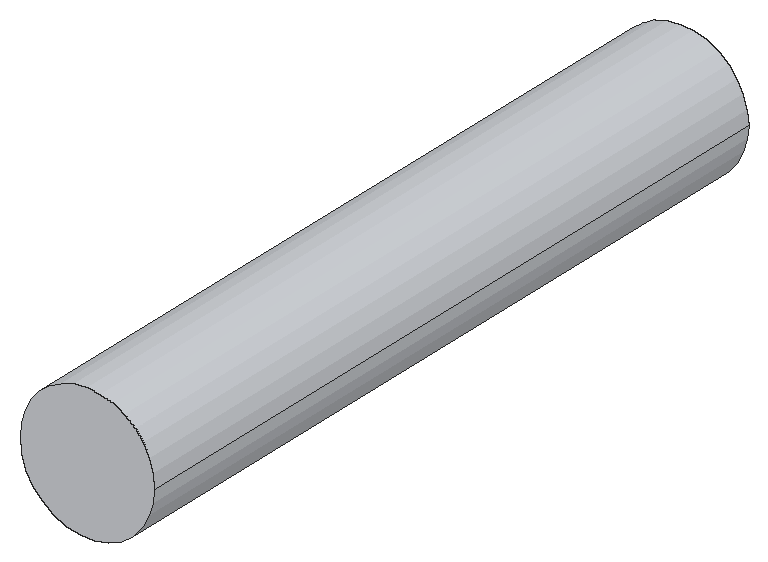
Revit family "a2fd6b5cffa541948ed87ba1fce17b70", category Sprinklers, Revit 2027
Family settings
  Round Connector Dimension = Use Radius
  Part Type = Normal
  Seek Item ID = Sprinkler - Horizontal Sidewall-0000-USA-ENU
  Work Plane-Based = No
  Always vertical = Yes
  Cut with Voids When Loaded = No
  Maintain Annotation Orientation = Yes
  Shared = No
  Room Calculation Point = No
Parameters (values of type "1/2" Horizontal Sidewall")
  Temperature Rating = 135 °F
  Response = Standard
  Pressure Drop [instance] = 7.00 psi
  Pressure Class = Standard
  Overall Length = 3"
  Orifice Size = 1/2"
  Orifice = Standard
  K-Factor = 5.6
  Flow [instance] = 30 GPM
  Default Elevation = 0' - 0"
  Coverage = Standard
  Nominal Diameter = Nominal Radius * 2  # 1/2"
  Nominal Radius = 1/4"
  CEL = 1/4"
Types (2): name | Pressure Drop | Overall Length | Orifice Size | K-Factor | Flow | Nominal Diameter | Nominal Radius | CEL
  1/2" Horizontal Sidewall | 7.00 psi | 3" | 1/2" | 5.6 | 30 GPM | 1/2" | 1/4" | 1/4"
  3/4" Horizontal Sidewall | 14.00 psi | 2 15/16" | 17/32" | 8 | 43 GPM | 3/4" | 3/8" | 3/8"
Reference planes (in)
  plane 1 "Center (Front/Back)": y = 0
  plane 2: z = 0
  plane 3 "Center (Left/Right)": x = 0
  plane 4: y = 0.25
  plane 5: y = -2.75
Forms (in)
  Extrusion 1, solid
    sketch origin (0, 0, 0) x (1, 0, 0) y (0, 0, 1)
      loop
        circle (0, 0) r 0.25
    from 0 to 2.75
Dimensions and locks (in)
  "Overall Length": plane 4 to plane 5
  "CEL": plane 1 "Center (Front/Back)" to plane 4
  "Nominal Radius": radius of Extrusion 1 sketch curve
  aligned and locked: Extrusion 1 to plane 5
Automatic sketch dimensions
  Extrusion 1 sketch curve to level = 0' - 0"
  Extrusion 1 sketch curve to plane 3 "Center (Left/Right)" = 0' - 0"
Nested families (in)
  nested 1: "Sprinkler - Symbol - Horizontal Sidewall" at (0, 0, 0) x (-1, 0, 0) z (0, 0, 1), type "Sprinkler - Symbol - Horizontal Sidewall"
Connectors (in)
  piping at (0, 0, 0), diameter 0.5, driven by "Nominal Radius", driven by "Flow", driven by "Pressure Drop"
    settings: on Extrusion 1, index 1, connector inside diameter 1/2", connector length 0' - 0", flow factor 0, pipe flow 30 GPM, pressure drop 7.00 psi, fitting loss kfactor 0, connector angle 0.00°, fixture units 0, engagement length 0' - 0", angle of deflection 0.00°, flow configuration 1, flow direction 1, fitting loss method 4, system type 23, joint type 0, gender type 0, connector reference index -1, connector utility 0, adjustable connector no, is connector primary yes, connector description "In"
Definition of nested family "Sprinkler - Symbol - Horizontal Sidewall"
  Parameters
    Symbol Width = Symbol Depth  # 1/16"
    Symbol Half Width = 0.5 * Symbol Width  # 1/32"
    Symbol Depth = 1/16"
  Reference planes (in)
    plane 1: y = 0
    plane 2: x = 0
  Lines and regions (in)
    reference lines
      curve 1: line (-0.03125, 0, 0) -> (-0.03125, 0.0625, 0)
      curve 2: line (-0.03125, 0.0625, 0) -> (0.03125, 0.0625, 0)
      curve 3: line (0.03125, 0.0625, 0) -> (0.03125, 0, 0)
      curve 4: line (-0.03125, 0.0625, 0) -> (0, 0, 0)
      curve 5: line (0, 0, 0) -> (0.03125, 0.0625, 0)
    detail lines
      curve 6: line (-0.03125, 0.0625, 0) -> (0.03125, 0.0625, 0)
      curve 7: line (0.03125, 0.0625, 0) -> (0, 0, 0)
      curve 8: line (-0.03125, 0.0625, 0) -> (0, 0, 0)
  Dimensions and locks (in)
    equal spacing: curve 1, plane 2, curve 3
    "Symbol Depth": plane 1 to curve 2
    "Symbol Half Width": curve 1 to plane 2
    aligned and locked: plane 1 to curve 1
    aligned and locked: curve 6 to curve 2
    aligned and locked: curve 1 to curve 6
    aligned and locked: curve 6 to curve 3
    aligned and locked: curve 7 to curve 5
    aligned and locked: curve 2 to curve 7
    aligned and locked: plane 1 to curve 7
  Automatic sketch dimensions
    curve 5 to plane 1 = 0' - 0"
    curve 4 to plane 2 = 0' - 0"
    curve 3 to plane 1 = 0' - 0"
